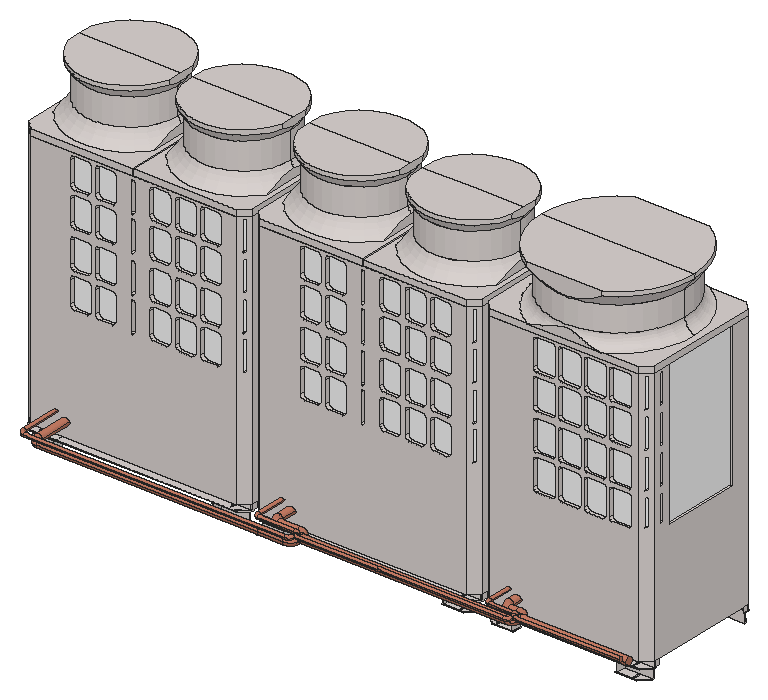
Revit family "PUHY-EP1050YSNW-A1", category 機械設備, Revit 2016 (continued)
Definition of nested family "PUHY-EP400YNW-A1"
  Dimensions and locks
    Extrusion 20 sketch curve to Extrusion 20 sketch curve = 116.800 mm
    Extrusion 20 sketch curve to Extrusion 20 sketch curve = 170.800 mm
    Extrusion 21 sketch curve to Extrusion 21 sketch curve = 116.800 mm
    Extrusion 21 sketch curve to Extrusion 21 sketch curve = 170.800 mm
    plane 3 "Center (Left/Right)" to cut or joined group 1 (Extrusion 1, Extrusion 2, Extrusion 3, Extrusion 4, Extrusion 5, Extrusion 6, Extrusion 7, Extrusion 8, Extrusion 9, Extrusion 10, Extrusion 11, Extrusion 12, Extrusion 13, Extrusion 14, Extrusion 15, Extrusion 16, Extrusion 17, Extrusion 18, Extrusion 19, Extrusion 20, Extrusion 21, Extrusion 22, Extrusion 23, Extrusion 24, Extrusion 25, Extrusion 26, Extrusion 27, Extrusion 28, Extrusion 29, Extrusion 30, Extrusion 31, Extrusion 32, Extrusion 33) = 620.000 mm
    cut or joined group 1 to plane 3 "Center (Left/Right)" = 620.000 mm
    Extrusion 1 sketch curve to Extrusion 1 sketch curve = 1240.000 mm
    cut or joined group 1 to plane 8 = 185.000 mm
    cut or joined group 1 to plane 7 = 166.000 mm
    cut or joined group 1 to plane 6 = 110.000 mm
    cut or joined group 1 to plane 12 to cut or joined group 1 = 805.000 mm, 621.000 mm
    plane 5 to plane 2 = 1858.000 mm  (x2)
    cut or joined group 1 to plane 19 "132" = 132.000 mm
    cut or joined group 1 to plane 22 = 207.000 mm
    cut or joined group 1 to plane 23 = 256.000 mm
    cut or joined group 1 to plane 6 = 60.000 mm
    cut or joined group 1 to cut or joined group 1 = 42.154 mm
    cut or joined group 1 to cut or joined group 1 = 11.895 mm
    nested 1 to nested 3 to level = 1798.000 mm, 60.000 mm
    nested 1 to nested 1 = 303.000 mm
    nested 1 to nested 3 = 1495.000 mm
    nested 8 to nested 8 to nested 8 to nested 7 to nested 7 to nested 7 = 54.000 mm, 20.000 mm, 592.000 mm, 20.000 mm, 54.000 mm
    nested 3 to nested 3 = 56.000 mm
    plane 11 to plane 31 to plane 32 to cut or joined group 1 = 90.000 mm, 1060.000 mm, 90.000 mm
    curve 103 to nested 7 = 90.000 mm
    curve 104 to nested 7 = 125.000 mm
    curve 101 to nested 7 = 100.000 mm
    curve 11 to curve 13 to nested 7 = 84.000 mm, 71.000 mm
    cut or joined group 1 to curve 12 to curve 14 = 125.000 mm, 148.000 mm
    nested 2 to nested 7 = 1495.000 mm
    curve 87 to cut or joined group 1 = 152.000 mm
    curve 88 to cut or joined group 1 = 172.000 mm
    curve 89 to cut or joined group 1 = 216.000 mm
    cut or joined group 1 to curve 4 to curve 2 = 128.000 mm, 150.000 mm
    cut or joined group 1 to curve 1 to curve 3 = 79.000 mm, 94.000 mm
    Extrusion 32 sketch curve to nested 7 = 116.000 mm
    cut or joined group 1 to Extrusion 32 sketch curve = 160.000 mm
    cut or joined group 1 to Extrusion 33 sketch curve = 243.000 mm
    Extrusion 33 sketch curve to nested 7 = 116.000 mm
    aligned and locked: level to plane 2
    aligned and locked: Extrusion 1 to plane 4
  Nested families
    nested 1: "FAN GUARD" at (-311.5, 2, 860), type "FAN GUARD"
      with WIDTH 870.000 mm
    nested 2: "FAN GUARD" at (311.5, 2, 860) x (-1, 0, 0) z (0, 0, 1), type "FAN GUARD"
      with WIDTH 870.000 mm
    nested 3: "ATTACHMENT LEG" at (-524, -349, 0), type "ATTACHMENT LEG"
    nested 4: "ATTACHMENT LEG" at (-524, 349, 0), type "ATTACHMENT LEG"
    nested 5: "ATTACHMENT LEG" at (524, -349, 0) x (-1, 0, 0) z (0, 0, 1), type "ATTACHMENT LEG"
    nested 6: "ATTACHMENT LEG" at (524, 349, 0) x (-1, 0, 0) z (0, 0, 1), type "ATTACHMENT LEG"
    nested 7: "BASE LEG_L_" at (0, -352, 60), type "BASE LEG_L_"
      with Width 1240.000 mm
    nested 8: "BASE LEG_L_" at (0, 352, 60), type "BASE LEG_L_"
      with Width 1240.000 mm
  Connectors
    piping at (-460, -191, 176), diameter 25.4, driven by "Liquid pipe_radius"
      settings: on cut or joined group 1, index 3, connector inside diameter 25.4 mm, connector length 0.000 mm, flow factor 0, pipe flow 0.0 L/s, pressure drop 0.0 Pa, fitting loss kfactor 0, connector angle 0.00°, fixture units 0, engagement length 0.000 mm, angle of deflection 0.00°, flow configuration 0, flow direction 0, fitting loss method 0, system type 22, joint type 0, gender type 0, connector reference index -1, connector utility 0, adjustable connector no, is connector primary yes, connector description "Refrigerant service valve<Liquid pipe>"
    piping at (-377, -191, 176), diameter 28.58, driven by "Gas pipe_radius"
      settings: on cut or joined group 1, index 4, connector inside diameter 28.58 mm, connector length 0.000 mm, flow factor 0, pipe flow 0.0 L/s, pressure drop 0.0 Pa, fitting loss kfactor 0, connector angle 0.00°, fixture units 0, engagement length 0.000 mm, angle of deflection 0.00°, flow configuration 0, flow direction 0, fitting loss method 0, system type 22, joint type 0, gender type 0, connector reference index -1, connector utility 0, adjustable connector no, is connector primary no, connector description "Refrigerant service valve<Gas>"
    electrical at (0, -370, 808)
      settings: on cut or joined group 1, index 5, voltage 0 V, apparent load 0 VA, apparent load phase1 0 VA, apparent load phase2 0 VA, apparent load phase3 0 VA, power factor 1, load classification none, number of poles 1, system type 30, power factor state 1, is connector primary yes, connector utility no, sub classification motor no, connector description ""
  Definition of nested family "FAN GUARD"
    Parameters
      WIDTH [instance] = 870.000 mm
    Reference planes
      plane 1 "中心(正面/背面)": y = -2
      plane 2: z = 0
      plane 3 "ファンガード基準面": z = 661
      plane 4: y = 368
      plane 5: x = 366
      plane 6: x = -375
      plane 7 "ファンガード基準上面": z = 695
      plane 8 "ファンガード上面": z = 998
      plane 9: x = -273.971
      plane 10: x = 308.5
      plane 11: x = -308.5
      plane 12: x = 0
    Forms (mm)
      Extrusion 1, solid
        sketch origin (85, 0, 661) x (-1, 0, 0) y (0, -1, 0)
          loop
            line (343.5, -368) -> (393.5, -318) -> (393.5, 322) -> (343.5, 372) -> (-223.5, 372) -> (-223.5, -368) -> (343.5, -368)
        from 0 to 34
      Revolve 2, solid
        sketch origin (0, -2, 0) x (1, 0, 0) y (0, 0, 1)
          loop
            line (0, 695) -> (0, 998) -> (-290, 998) -> (-290, 972.327) -> (-260, 928.372) -> (-260, 777.384)
            arc (-260, 777.384) -> (-290.651, 730.137) -> (-334.665, 695) r 175.882
            line (-334.665, 695) -> (0, 695)
          axis (0, 998) -> (0, 695)
        angle from 0 to 360
      Extrusion 3, void
        sketch origin (-840, 75, 695) x (-1, 0, 0) y (0, -1, 0)
          loop
            line (-410, -165) -> (-410, 315) -> (-561.253, 315) -> (-561.253, -165) -> (-410, -165)
        from -35 to 430.592
      Extrusion 4, void
        sketch origin (840, 75, 695) x (1, 0, 0) y (0, 1, 0)
          loop
            line (-410, 165) -> (-561.253, 165) -> (-561.253, -315) -> (-410, -315) -> (-410, 165)
        from 0 to 430.592
    Cuts and joins
      Extrusion 3, Extrusion 4 cuts Revolve 2
      Extrusion 4 cuts Extrusion 1
    Lines and regions (mm)
      model lines
        curve 1: line (-278.747, 0, 998) -> (-80, 0, 998)
        curve 2: line (80, 0, 998) -> (278.747, 0, 998)
        curve 3: circle (0, 0, 998) r 80 normal (0, 0, 1)
        curve 4: line (-278.747, -80, 998) -> (278.747, -80, 998)
        curve 5: line (-241.868, -160, 998) -> (241.868, -160, 998)
        curve 6: line (-162.788, -240, 998) -> (162.788, -240, 998)
        curve 7: line (-278.747, 80, 998) -> (278.747, 80, 998)
        curve 8: line (-241.868, 160, 998) -> (240, 160, 998)
        curve 9: line (-160, 240, 998) -> (162.788, 240, 998)
        curve 10: line (0, 290, 998) -> (0, -290, 998)
        curve 11: line (-20, 289.31, 998) -> (-20, -289.31, 998)
        curve 12: line (-40, 287.228, 998) -> (-40, -287.228, 998)
        curve 13: line (-60, 283.725, 998) -> (-60, -283.725, 998)
        curve 14: line (-80, 278.747, 998) -> (-80, -278.747, 998)
        curve 15: line (20, 289.31, 998) -> (20, -289.31, 998)
        curve 16: line (40, 287.228, 998) -> (40, -287.228, 998)
        curve 17: line (60, 283.725, 998) -> (60, -283.725, 998)
        curve 18: line (80, 278.747, 998) -> (80, -278.747, 998)
        curve 19: line (100, 272.213, 998) -> (100, -272.213, 998)
        curve 20: line (120, 264.008, 998) -> (120, -264.008, 998)
        curve 21: line (140, 253.969, 998) -> (140, -253.969, 998)
        curve 22: line (160, 241.868, 998) -> (160, -243.132, 998)
        curve 23: line (180, 227.376, 998) -> (180, -227.624, 998)
        curve 24: line (200, 210, 998) -> (200, -210, 998)
        curve 25: line (220, 188.944, 998) -> (220, -188.944, 998)
        curve 26: line (240, 160, 998) -> (240, -162.788, 998)
        curve 27: line (260, 128.452, 998) -> (260, -128.452, 998)
        curve 28: line (-100, 272.213, 998) -> (-100, -272.213, 998)
        curve 29: line (-120, 264.008, 998) -> (-120, -264.008, 998)
        curve 30: line (-140, 253.969, 998) -> (-140, -253.969, 998)
        curve 31: line (-160, 240, 998) -> (-160, -241.868, 998)
        curve 32: line (-180, 227.376, 998) -> (-180, -227.376, 998)
        curve 33: line (-200, 210, 998) -> (-200, -210, 998)
        curve 34: line (-220, 188.944, 998) -> (-220, -188.944, 998)
        curve 35: line (-240, 162.788, 998) -> (-240, -162.788, 998)
        curve 36: line (-260, 128.452, 998) -> (-260, -128.452, 998)
        curve 37: line (10, 79.373, 998) -> (10, -79.373, 998)
        curve 38: line (-10, 79.373, 998) -> (-10, -79.373, 998)
        curve 39: line (30, 74.162, 998) -> (30, -74.162, 998)
        curve 40: line (50, 62.45, 998) -> (50, -62.45, 998)
        curve 41: line (70, 38.73, 998) -> (70, -38.73, 998)
        curve 42: line (-30, 74.162, 998) -> (-30, -74.162, 998)
        curve 43: line (-50, 62.45, 998) -> (-50, -62.45, 998)
        curve 44: line (-70, 38.73, 998) -> (-70, -38.73, 998)
    Dimensions and locks
      locked: plane 8 "ファンガード上面" to plane 7 "ファンガード基準上面" at 303
      plane 8 "ファンガード上面" to plane 3 "ファンガード基準面" = 337.000 mm
      Revolve 2 sketch curve to Revolve 2 sketch curve = 290.000 mm
      Extrusion 1 sketch curve to Extrusion 1 sketch curve = 740.000 mm
      equal spacing: Extrusion 1 sketch curve, plane 1 "中心(正面/背面)", Extrusion 1 sketch curve
      plane 6 to plane 5 = 741.000 mm
      Extrusion 1 sketch curve to Extrusion 1 sketch curve = 617.000 mm
      plane 11 to plane 10 = 617.000 mm
      cut or joined group of Extrusion 1, Extrusion 4 to cut or joined group of Extrusion 1, Extrusion 4 = 617.000 mm
      cut or joined group of Extrusion 1, Extrusion 4 to cut or joined group of Extrusion 1, Extrusion 4 = 740.000 mm
      aligned and locked: level to plane 2
      aligned and locked: plane 7 "ファンガード基準上面" to Extrusion 1
      aligned and locked: plane 3 "ファンガード基準面" to Extrusion 1
      aligned and locked: cut or joined group of Revolve 2, Extrusion 3, Extrusion 4 to plane 8 "ファンガード上面"
  Definition of nested family "ATTACHMENT LEG"
    Parameters
      Width = 145.000 mm
    Reference planes
      plane 1: z = 0
      plane 2 "中心(左/右)": x = -6
      plane 3: x = -52
      plane 4: x = 85
      plane 5: x = 93
      plane 6: y = -21
      plane 7: y = 27
      plane 8: x = -30
      plane 9: y = 39
      plane 10: z = 60
      plane 11: z = 57
      plane 12: z = 3
      plane 13: x = 82
      plane 14: y = 36
      plane 15: x = -75
      plane 16: y = 31
      plane 17 "幅": x = 93
      plane 18: y = 2.5
      plane 19: y = 21
      plane 20: y = -10
    Forms (mm)
      Extrusion 1, solid
        sketch origin (0, -1, 0) x (1, 0, 0) y (0, 1, 0)
          loop
            line (-75, 36) -> (-75, 27) -> (-28, -20) -> (93, -20) -> (93, 32) -> (85, 32) -> (85, 36) -> (-75, 36)
        from 0 to 60
      Extrusion 2, void
        sketch origin (0, -3, 0) x (1, 0, 0) y (0, 0, 1)
          loop
            line (-75, 57) -> (-75, 3) -> (82, 3) -> (82, 57) -> (-75, 57)
          loop
            line (93, 57) -> (85, 57) -> (85, 3) -> (93, 3) -> (93, 57)
        from -35 to 18
      Extrusion 3, void
        sketch origin (-6, 5.5, 0) x (1, 0, 0) y (0, 1, 0)
          loop
            arc (-7, -8.5) -> (0, -15.5) -> (7, -8.5) r 7
            line (7, -8.5) -> (7, 8.5)
            arc (7, 8.5) -> (0, 15.5) -> (-7, 8.5) r 7
            line (-7, 8.5) -> (-7, -8.5)
        from 0 to 60
    Cuts and joins
      Extrusion 2, Extrusion 3 cuts Extrusion 1
    Dimensions and locks
      locked: plane 3 to plane 4 at 137
      locked: plane 3 to plane 5 at 145
      plane 6 to plane 7 = 48.000 mm
      locked: plane 10 to level at 60
      Extrusion 3 sketch curve to plane 2 "中心(左/右)" = 7.000 mm
      locked: plane 15 to plane 2 "中心(左/右)" at 69
      locked: plane 15 to plane 8 at 45
      locked: plane 6 to plane 18 at 23.5
      cut or joined group of Extrusion 1, Extrusion 2, Extrusion 3 to cut or joined group of Extrusion 1, Extrusion 2, Extrusion 3 = 168.000 mm
      cut or joined group of Extrusion 1, Extrusion 2, Extrusion 3 to cut or joined group of Extrusion 1, Extrusion 2, Extrusion 3 = 56.000 mm  (x2)
      plane 14 to plane 6 = 57.000 mm
      aligned and locked: level to plane 1
      aligned and locked: Extrusion 1 sketch curve to plane 4
      aligned and locked: Extrusion 1 sketch curve to plane 5
      aligned: plane 8 to Extrusion 1 sketch curve
      aligned and locked: plane 10 to Extrusion 1
      aligned and locked: Extrusion 2 sketch curve to plane 11
      aligned: plane 3 to Extrusion 2 sketch curve
      aligned and locked: plane 12 to Extrusion 2 sketch curve
      aligned and locked: Extrusion 2 sketch curve to plane 13
      aligned and locked: plane 6 to Extrusion 2
      aligned and locked: plane 11 to Extrusion 2 sketch curve
      aligned and locked: plane 5 to Extrusion 2 sketch curve
      aligned and locked: Extrusion 2 sketch curve to plane 12
      aligned and locked: Extrusion 2 sketch curve to plane 4
      aligned and locked: plane 15 to Extrusion 1 sketch curve
      aligned and locked: Extrusion 2 sketch curve to cut or joined group of Extrusion 1, Extrusion 2, Extrusion 3
      aligned and locked: Extrusion 1 to plane 16
  Definition of nested family "BASE LEG_L_"
    Parameters
      Width [instance] = 1240.000 mm
    Reference planes
      plane 1 "中心(正面/背面)": y = 0
      plane 2: z = 0
      plane 3 "中心(左/右)": x = 0
      plane 4: x = 620
      plane 5: x = -620
      plane 6: x = -530
      plane 7: x = 530
      plane 8: y = -18
      plane 9: y = 39
      plane 10: z = 53
      plane 11: y = 42
      plane 12: y = 27
      plane 13: x = 575
      plane 14: x = -575
      plane 15: z = 8
      plane 16: y = 11.5
      plane 17: z = 35
    Forms (mm)
      Extrusion 1, solid
        sketch origin (0, 0, 0) x (0, 1, 0) y (0, 0, 1)
          loop
            line (-18, 0) -> (36, 0) -> (36, 32) -> (56, 32) -> (56, 35) -> (33, 35) -> (33, 3) -> (-18, 3) -> (-18, 0)
        from -620 to 620
      Extrusion 2, void
        sketch origin (0, 0, 0) x (1, 0, 0) y (0, 1, 0)
          loop
            line (575, -18) -> (620, -18) -> (620, 27) -> (575, -18)
          loop
            line (-575, -18) -> (-620, 27) -> (-620, -18) -> (-575, -18)
        from 0 to 250
      Extrusion 3, void
        sketch origin (0, 12.023, 0) x (1, 0, 0) y (0, 1, 0)
          loop
            arc (523, -2.971) -> (530, -9.971) -> (537, -2.971) r 7
            line (537, -2.971) -> (537, 3.023)
            arc (537, 3.023) -> (530, 10.023) -> (523, 3.023) r 7
            line (523, 3.023) -> (523, -2.971)
          loop
            line (-523, -2.971) -> (-523, 3.023)
            arc (-523, 3.023) -> (-530, 10.023) -> (-537, 3.023) r 7
            line (-537, 3.023) -> (-537, -2.971)
            arc (-537, -2.971) -> (-530, -9.971) -> (-523, -2.971) r 7
        from 0 to 250
      Extrusion 4, solid
        sketch origin (0, 0, -3) x (1, 0, 0) y (0, 0, 1)
          loop
            line (617, 8) -> (620, 8) -> (620, 35) -> (617, 35) -> (617, 8)
          loop
            line (-617, 8) -> (-617, 35) -> (-620, 35) -> (-620, 8) -> (-617, 8)
        from -36 to -56
      Extrusion 5, solid
        sketch origin (150, 352, 0) x (1, 0, 0) y (0, 1, 0)
          loop
            line (460, -319) -> (455, -319) -> (455, -320) -> (405, -370) -> (410, -370) -> (460, -320) -> (460, -319)
        from 3 to 35
      Extrusion 6, void
        sketch origin (560, -18, 0) x (0.707107, 0.707107, 0) y (0, 0, 1)
          loop
            line (70.711, 3) -> (-6.741, 39.767) -> (-6.741, 3) -> (70.711, 3)
        from -190.256 to 23.776
      Extrusion 7, solid
        sketch origin (-150, 352, 0) x (-1, 0, 0) y (0, -1, 0)
          loop
            line (460, 319) -> (460, 320) -> (410, 370) -> (405, 370) -> (455, 320) -> (455, 319) -> (460, 319)
        from 3 to 35
      Extrusion 8, void
        sketch origin (-560, -18, 0) x (0.707107, -0.707107, 0) y (0, 0, -1)
          loop
            line (-70.711, -3) -> (0, -35) -> (6.741, -35) -> (6.741, -3) -> (-70.711, -3)
        from -190.256 to 23.776
    Cuts and joins
      Extrusion 2, Extrusion 3 cuts Extrusion 1
      joined: Extrusion 1, Extrusion 4
      Extrusion 8 cuts Extrusion 7
      Extrusion 6 cuts Extrusion 5
    Dimensions and locks
      "Width": plane 5 to plane 4
      equal spacing: plane 5, plane 3 "中心(左/右)", plane 4
      locked: plane 5 to plane 6 at 90
      locked: plane 7 to plane 4 at 90
      locked: plane 8 to plane 9 at 57
      locked: plane 10 to level at 53
      locked: plane 9 to plane 11 at 3
      plane 8 to plane 12 = 45.000 mm
      locked: plane 13 to plane 4 at 45
      locked: plane 5 to plane 14 at 45
      equal spacing: Extrusion 3 sketch curve, plane 7, Extrusion 3 sketch curve
      equal spacing: Extrusion 3 sketch curve, plane 6, Extrusion 3 sketch curve
      locked: plane 10 to plane 15 at 45
      locked: cut or joined group of Extrusion 1, Extrusion 2, Extrusion 3, Extrusion 4 to Extrusion 4 sketch curve at 3  (x2)
      locked: plane 8 to plane 16 at 29.5
      plane 8 to plane 11 = 60.000 mm
      cut or joined group of Extrusion 1, Extrusion 2, Extrusion 3, Extrusion 4 to cut or joined group of Extrusion 1, Extrusion 2, Extrusion 3, Extrusion 4 = 35.000 mm
      aligned and locked: level to plane 2
      aligned and locked: plane 8 to Extrusion 1 sketch curve
      aligned and locked: plane 4 to Extrusion 1
      aligned and locked: Extrusion 1 to plane 5
      aligned and locked: Extrusion 2 sketch curve to plane 4
      aligned and locked: Extrusion 2 sketch curve to plane 8
      aligned and locked: plane 12 to Extrusion 2 sketch curve
      aligned and locked: plane 13 to Extrusion 2 sketch curve
      aligned and locked: plane 4 to Extrusion 4 sketch curve
      aligned and locked: plane 5 to Extrusion 4 sketch curve
      aligned and locked: cut or joined group of Extrusion 7, Extrusion 8 to cut or joined group of Extrusion 1, Extrusion 2, Extrusion 3, Extrusion 4
    Automatic sketch dimensions
      Extrusion 3 sketch curve to plane 1 "中心(正面/背面)" = 9.052 mm  (x2)
      Extrusion 3 sketch curve to plane 7 = 7.000 mm
      Extrusion 3 sketch curve to plane 1 "中心(正面/背面)" = 15.046 mm  (x2)
      Extrusion 3 sketch curve to plane 6 = 7.000 mm
      Extrusion 2 sketch curve to plane 5 = 0.000 mm
      plane 8 to Extrusion 2 sketch curve = 0.000 mm
      Extrusion 2 sketch curve to plane 14 = 0.000 mm
      plane 12 to Extrusion 2 sketch curve = 0.000 mm
      Extrusion 4 sketch curve to plane 10 = 21.000 mm
      plane 7 to Extrusion 5 sketch curve = 25.000 mm
      Extrusion 5 sketch curve to Extrusion 5 sketch curve = 5.000 mm  (x2)
      plane 7 to Extrusion 5 sketch curve = 75.000 mm
      plane 8 to Extrusion 5 sketch curve = 0.000 mm
      Extrusion 5 sketch curve to Extrusion 5 sketch curve = 50.000 mm
      Extrusion 5 sketch curve to Extrusion 5 sketch curve = 0.000 mm
      Extrusion 5 sketch curve to Extrusion 5 sketch curve = 1.000 mm
      Extrusion 6 sketch curve to Extrusion 5 = 0.000 mm  (x2)
      Extrusion 6 sketch curve to Extrusion 5 = 6.741 mm
      Extrusion 6 sketch curve to Extrusion 5 = 4.767 mm
      plane 6 to Extrusion 7 sketch curve = 25.000 mm
      Extrusion 7 sketch curve to Extrusion 7 sketch curve = 5.000 mm  (x2)
      Extrusion 7 sketch curve to Extrusion 7 sketch curve = 45.000 mm
      Extrusion 7 sketch curve to plane 8 = 0.000 mm
      Extrusion 7 sketch curve to Extrusion 7 sketch curve = 50.000 mm
      Extrusion 7 sketch curve to Extrusion 7 sketch curve = 0.000 mm
      Extrusion 7 sketch curve to Extrusion 7 sketch curve = 1.000 mm
      Extrusion 8 sketch curve to Extrusion 7 = 0.000 mm  (x2)
      Extrusion 7 to Extrusion 8 sketch curve = 0.000 mm  (x2)
      Extrusion 7 to Extrusion 8 sketch curve = 6.741 mm
      Extrusion 4 sketch curve to plane 17 = 3.000 mm
      Extrusion 4 sketch curve to plane 15 = 3.000 mm  (x2)
      Extrusion 1 sketch curve to plane 17 = 0.000 mm
      Extrusion 1 sketch curve to level = 0.000 mm
      level to Extrusion 1 sketch curve = 3.000 mm
      plane 9 to Extrusion 1 sketch curve = 6.000 mm
      plane 9 to Extrusion 1 sketch curve = 3.000 mm
      Extrusion 1 sketch curve to plane 17 = 3.000 mm
      Extrusion 1 sketch curve to plane 11 = 14.000 mm
Definition of nested family "PUHY-EP250YNW-A1"
  Parameters
    Model = "PUHY-P250YNW-A"
    URL = "http://www.mitsubishielectric.com/"
    Manufacturer = "Mitsubishi Electric Corporation"
    Liquid pipe_radius = 4.760 mm
    Gas pipe_radius = 11.100 mm
  Reference planes
    plane 1 "Center (Front/Back)": y = 0
    plane 2: z = 0
    plane 3 "Center (Left/Right)": x = 0
    plane 4 "11": through (-415, 370, 1200) normal (0.7071, -0.7071, 0)
    plane 5 "22": through (-415, -370, 1200) normal (-0.7071, -0.7071, 0)
    plane 6 "44": through (460, 325, 1200) normal (-0.7071, -0.7071, 0)
    plane 7 "33": through (460, -325, 1200) normal (0.7071, -0.7071, 0)
    plane 8: z = 754.5
    plane 9: z = 909.5
    plane 10: x = -300
    plane 11: x = -217
    plane 12: y = 370
    plane 13: y = -370
    plane 14: x = -460
    plane 15: x = 460
  Forms (mm)
    Extrusion 1, solid
      sketch origin (0, 0, 113) x (-1, 0, 0) y (0, -1, 0)
        loop
          line (410, -370) -> (460, -320) -> (460, 320) -> (410, 370) -> (-410, 370) -> (-460, 320) -> (-460, -320) -> (-410, -370) -> (410, -370)
      from -18 to 1408
    Extrusion 2, void
      sketch origin (410, -370, 113) x (1, 0, 0) y (0, 0, -1)
        loop
          arc (-55, -1393.5) -> (-40.858, -1387.642) -> (-35, -1373.5) r 20
          line (-35, -1373.5) -> (-35, -1238.676)
          arc (-35, -1238.676) -> (-40.858, -1224.534) -> (-55, -1218.676) r 20
          line (-55, -1218.676) -> (-139.8, -1218.676)
          arc (-139.8, -1218.676) -> (-153.942, -1224.534) -> (-159.8, -1238.676) r 20
          line (-159.8, -1238.676) -> (-159.8, -1373.5)
          arc (-159.8, -1373.5) -> (-153.942, -1387.642) -> (-139.8, -1393.5) r 20
          line (-139.8, -1393.5) -> (-55, -1393.5)
      from 0 to 20
    Extrusion 3, void
      sketch origin (270, -370, 113) x (1, 0, 0) y (0, 0, -1)
        loop
          arc (-55, -1393.5) -> (-40.858, -1387.642) -> (-35, -1373.5) r 20
          line (-35, -1373.5) -> (-35, -1238.676)
          arc (-35, -1238.676) -> (-40.858, -1224.534) -> (-55, -1218.676) r 20
          line (-55, -1218.676) -> (-139.8, -1218.676)
          arc (-139.8, -1218.676) -> (-153.942, -1224.534) -> (-159.8, -1238.676) r 20
          line (-159.8, -1238.676) -> (-159.8, -1373.5)
          arc (-159.8, -1373.5) -> (-153.942, -1387.642) -> (-139.8, -1393.5) r 20
          line (-139.8, -1393.5) -> (-55, -1393.5)
      from 0 to 20
    Extrusion 4, void
      sketch origin (130, -370, 113) x (1, 0, 0) y (0, 0, -1)
        loop
          arc (-55, -1393.5) -> (-40.858, -1387.642) -> (-35, -1373.5) r 20
          line (-35, -1373.5) -> (-35, -1238.676)
          arc (-35, -1238.676) -> (-40.858, -1224.534) -> (-55, -1218.676) r 20
          line (-55, -1218.676) -> (-139.8, -1218.676)
          arc (-139.8, -1218.676) -> (-153.942, -1224.534) -> (-159.8, -1238.676) r 20
          line (-159.8, -1238.676) -> (-159.8, -1373.5)
          arc (-159.8, -1373.5) -> (-153.942, -1387.642) -> (-139.8, -1393.5) r 20
          line (-139.8, -1393.5) -> (-55, -1393.5)
      from 0 to 20
    Extrusion 5, void
      sketch origin (-10, -370, 113) x (1, 0, 0) y (0, 0, -1)
        loop
          arc (-55, -1393.5) -> (-40.858, -1387.642) -> (-35, -1373.5) r 20
          line (-35, -1373.5) -> (-35, -1238.676)
          arc (-35, -1238.676) -> (-40.858, -1224.534) -> (-55, -1218.676) r 20
          line (-55, -1218.676) -> (-139.8, -1218.676)
          arc (-139.8, -1218.676) -> (-153.942, -1224.534) -> (-159.8, -1238.676) r 20
          line (-159.8, -1238.676) -> (-159.8, -1373.5)
          arc (-159.8, -1373.5) -> (-153.942, -1387.642) -> (-139.8, -1393.5) r 20
          line (-139.8, -1393.5) -> (-55, -1393.5)
      from 0 to 20
    Extrusion 6, void
      sketch origin (410, -370, -81) x (1, 0, 0) y (0, 0, -1)
        loop
          arc (-55, -1393.5) -> (-40.858, -1387.642) -> (-35, -1373.5) r 20
          line (-35, -1373.5) -> (-35, -1238.676)
          arc (-35, -1238.676) -> (-40.858, -1224.534) -> (-55, -1218.676) r 20
          line (-55, -1218.676) -> (-139.8, -1218.676)
          arc (-139.8, -1218.676) -> (-153.942, -1224.534) -> (-159.8, -1238.676) r 20
          line (-159.8, -1238.676) -> (-159.8, -1373.5)
          arc (-159.8, -1373.5) -> (-153.942, -1387.642) -> (-139.8, -1393.5) r 20
          line (-139.8, -1393.5) -> (-55, -1393.5)
      from 0 to 20
    Extrusion 7, void
      sketch origin (270, -370, -81) x (1, 0, 0) y (0, 0, -1)
        loop
          arc (-55, -1393.5) -> (-40.858, -1387.642) -> (-35, -1373.5) r 20
          line (-35, -1373.5) -> (-35, -1238.676)
          arc (-35, -1238.676) -> (-40.858, -1224.534) -> (-55, -1218.676) r 20
          line (-55, -1218.676) -> (-139.8, -1218.676)
          arc (-139.8, -1218.676) -> (-153.942, -1224.534) -> (-159.8, -1238.676) r 20
          line (-159.8, -1238.676) -> (-159.8, -1373.5)
          arc (-159.8, -1373.5) -> (-153.942, -1387.642) -> (-139.8, -1393.5) r 20
          line (-139.8, -1393.5) -> (-55, -1393.5)
      from 0 to 20
    Extrusion 8, void
      sketch origin (130, -370, -81) x (1, 0, 0) y (0, 0, -1)
        loop
          arc (-55, -1393.5) -> (-40.858, -1387.642) -> (-35, -1373.5) r 20
          line (-35, -1373.5) -> (-35, -1238.676)
          arc (-35, -1238.676) -> (-40.858, -1224.534) -> (-55, -1218.676) r 20
          line (-55, -1218.676) -> (-139.8, -1218.676)
          arc (-139.8, -1218.676) -> (-153.942, -1224.534) -> (-159.8, -1238.676) r 20
          line (-159.8, -1238.676) -> (-159.8, -1373.5)
          arc (-159.8, -1373.5) -> (-153.942, -1387.642) -> (-139.8, -1393.5) r 20
          line (-139.8, -1393.5) -> (-55, -1393.5)
      from 0 to 20
    Extrusion 9, void
      sketch origin (-10, -370, -81) x (1, 0, 0) y (0, 0, -1)
        loop
          arc (-55, -1393.5) -> (-40.858, -1387.642) -> (-35, -1373.5) r 20
          line (-35, -1373.5) -> (-35, -1238.676)
          arc (-35, -1238.676) -> (-40.858, -1224.534) -> (-55, -1218.676) r 20
          line (-55, -1218.676) -> (-139.8, -1218.676)
          arc (-139.8, -1218.676) -> (-153.942, -1224.534) -> (-159.8, -1238.676) r 20
          line (-159.8, -1238.676) -> (-159.8, -1373.5)
          arc (-159.8, -1373.5) -> (-153.942, -1387.642) -> (-139.8, -1393.5) r 20
          line (-139.8, -1393.5) -> (-55, -1393.5)
      from 0 to 20
    Extrusion 10, void
      sketch origin (410, -370, -287) x (1, 0, 0) y (0, 0, -1)
        loop
          arc (-55, -1393.5) -> (-40.858, -1387.642) -> (-35, -1373.5) r 20
          line (-35, -1373.5) -> (-35, -1238.676)
          arc (-35, -1238.676) -> (-40.858, -1224.534) -> (-55, -1218.676) r 20
          line (-55, -1218.676) -> (-139.8, -1218.676)
          arc (-139.8, -1218.676) -> (-153.942, -1224.534) -> (-159.8, -1238.676) r 20
          line (-159.8, -1238.676) -> (-159.8, -1373.5)
          arc (-159.8, -1373.5) -> (-153.942, -1387.642) -> (-139.8, -1393.5) r 20
          line (-139.8, -1393.5) -> (-55, -1393.5)
      from 0 to 20
    Extrusion 11, void
      sketch origin (270, -370, -287) x (1, 0, 0) y (0, 0, -1)
        loop
          arc (-55, -1393.5) -> (-40.858, -1387.642) -> (-35, -1373.5) r 20
          line (-35, -1373.5) -> (-35, -1238.676)
          arc (-35, -1238.676) -> (-40.858, -1224.534) -> (-55, -1218.676) r 20
          line (-55, -1218.676) -> (-139.8, -1218.676)
          arc (-139.8, -1218.676) -> (-153.942, -1224.534) -> (-159.8, -1238.676) r 20
          line (-159.8, -1238.676) -> (-159.8, -1373.5)
          arc (-159.8, -1373.5) -> (-153.942, -1387.642) -> (-139.8, -1393.5) r 20
          line (-139.8, -1393.5) -> (-55, -1393.5)
      from 0 to 20
    Extrusion 12, void
      sketch origin (130, -370, -287) x (1, 0, 0) y (0, 0, -1)
        loop
          arc (-55, -1393.5) -> (-40.858, -1387.642) -> (-35, -1373.5) r 20
          line (-35, -1373.5) -> (-35, -1238.676)
          arc (-35, -1238.676) -> (-40.858, -1224.534) -> (-55, -1218.676) r 20
          line (-55, -1218.676) -> (-139.8, -1218.676)
          arc (-139.8, -1218.676) -> (-153.942, -1224.534) -> (-159.8, -1238.676) r 20
          line (-159.8, -1238.676) -> (-159.8, -1373.5)
          arc (-159.8, -1373.5) -> (-153.942, -1387.642) -> (-139.8, -1393.5) r 20
          line (-139.8, -1393.5) -> (-55, -1393.5)
      from 0 to 20
    Extrusion 13, void
      sketch origin (-10, -370, -287) x (1, 0, 0) y (0, 0, -1)
        loop
          arc (-55, -1393.5) -> (-40.858, -1387.642) -> (-35, -1373.5) r 20
          line (-35, -1373.5) -> (-35, -1238.676)
          arc (-35, -1238.676) -> (-40.858, -1224.534) -> (-55, -1218.676) r 20
          line (-55, -1218.676) -> (-139.8, -1218.676)
          arc (-139.8, -1218.676) -> (-153.942, -1224.534) -> (-159.8, -1238.676) r 20
          line (-159.8, -1238.676) -> (-159.8, -1373.5)
          arc (-159.8, -1373.5) -> (-153.942, -1387.642) -> (-139.8, -1393.5) r 20
          line (-139.8, -1393.5) -> (-55, -1393.5)
      from 0 to 20
    Extrusion 14, void
      sketch origin (410, -370, -481) x (1, 0, 0) y (0, 0, -1)
        loop
          arc (-55, -1393.5) -> (-40.858, -1387.642) -> (-35, -1373.5) r 20
          line (-35, -1373.5) -> (-35, -1238.676)
          arc (-35, -1238.676) -> (-40.858, -1224.534) -> (-55, -1218.676) r 20
          line (-55, -1218.676) -> (-139.8, -1218.676)
          arc (-139.8, -1218.676) -> (-153.942, -1224.534) -> (-159.8, -1238.676) r 20
          line (-159.8, -1238.676) -> (-159.8, -1373.5)
          arc (-159.8, -1373.5) -> (-153.942, -1387.642) -> (-139.8, -1393.5) r 20
          line (-139.8, -1393.5) -> (-55, -1393.5)
      from 0 to 20
    Extrusion 15, void
      sketch origin (270, -370, -481) x (1, 0, 0) y (0, 0, -1)
        loop
          arc (-55, -1393.5) -> (-40.858, -1387.642) -> (-35, -1373.5) r 20
          line (-35, -1373.5) -> (-35, -1238.676)
          arc (-35, -1238.676) -> (-40.858, -1224.534) -> (-55, -1218.676) r 20
          line (-55, -1218.676) -> (-139.8, -1218.676)
          arc (-139.8, -1218.676) -> (-153.942, -1224.534) -> (-159.8, -1238.676) r 20
          line (-159.8, -1238.676) -> (-159.8, -1373.5)
          arc (-159.8, -1373.5) -> (-153.942, -1387.642) -> (-139.8, -1393.5) r 20
          line (-139.8, -1393.5) -> (-55, -1393.5)
      from 0 to 20
    Extrusion 16, void
      sketch origin (130, -370, -481) x (1, 0, 0) y (0, 0, -1)
        loop
          arc (-55, -1393.5) -> (-40.858, -1387.642) -> (-35, -1373.5) r 20
          line (-35, -1373.5) -> (-35, -1238.676)
          arc (-35, -1238.676) -> (-40.858, -1224.534) -> (-55, -1218.676) r 20
          line (-55, -1218.676) -> (-139.8, -1218.676)
          arc (-139.8, -1218.676) -> (-153.942, -1224.534) -> (-159.8, -1238.676) r 20
          line (-159.8, -1238.676) -> (-159.8, -1373.5)
          arc (-159.8, -1373.5) -> (-153.942, -1387.642) -> (-139.8, -1393.5) r 20
          line (-139.8, -1393.5) -> (-55, -1393.5)
      from 0 to 20
    Extrusion 17, void
      sketch origin (-10, -370, -481) x (1, 0, 0) y (0, 0, -1)
        loop
          arc (-55, -1393.5) -> (-40.858, -1387.642) -> (-35, -1373.5) r 20
          line (-35, -1373.5) -> (-35, -1238.676)
          arc (-35, -1238.676) -> (-40.858, -1224.534) -> (-55, -1218.676) r 20
          line (-55, -1218.676) -> (-139.8, -1218.676)
          arc (-139.8, -1218.676) -> (-153.942, -1224.534) -> (-159.8, -1238.676) r 20
          line (-159.8, -1238.676) -> (-159.8, -1373.5)
          arc (-159.8, -1373.5) -> (-153.942, -1387.642) -> (-139.8, -1393.5) r 20
          line (-139.8, -1393.5) -> (-55, -1393.5)
      from 0 to 20
    Extrusion 18, solid
      sketch origin (0, -189, -3) x (0, 0, -1) y (-1, 0, 0)
        loop
          circle (-179, 217) r 11.1
      from 0 to 150
    Extrusion 19, solid
      sketch origin (0, -172, -3) x (0, 0, -1) y (-1, 0, 0)
        loop
          circle (-179, 300) r 4.76
      from 0 to 150
    Extrusion 20, void
      sketch origin (-460, -320, 113) x (0, -1, 0) y (0, 0, -1)
        loop
          line (-611.5, -1236.511) -> (-611.5, -1386.5)
          arc (-611.5, -1386.5) -> (-601.5, -1396.5) -> (-591.5, -1386.5) r 10
          line (-591.5, -1386.5) -> (-591.5, -1236.511)
          arc (-591.5, -1236.511) -> (-601.5, -1226.511) -> (-611.5, -1236.511) r 10
      from 0 to 20
    Extrusion 21, void
      sketch origin (-460, -320, -87.006) x (0, -1, 0) y (0, 0, -1)
        loop
          line (-611.5, -1236.511) -> (-611.5, -1386.5)
          arc (-611.5, -1386.5) -> (-601.5, -1396.5) -> (-591.5, -1386.5) r 10
          line (-591.5, -1386.5) -> (-591.5, -1236.511)
          arc (-591.5, -1236.511) -> (-601.5, -1226.511) -> (-611.5, -1236.511) r 10
      from 0 to 20
    Extrusion 22, void
      sketch origin (-460, -320, -287.006) x (0, -1, 0) y (0, 0, -1)
        loop
          line (-611.5, -1236.511) -> (-611.5, -1386.5)
          arc (-611.5, -1386.5) -> (-601.5, -1396.5) -> (-591.5, -1386.5) r 10
          line (-591.5, -1386.5) -> (-591.5, -1236.511)
          arc (-591.5, -1236.511) -> (-601.5, -1226.511) -> (-611.5, -1236.511) r 10
      from 0 to 20
    Extrusion 23, void
      sketch origin (-460, -320, -479.506) x (0, -1, 0) y (0, 0, -1)
        loop
          line (-611.5, -1244.006) -> (-611.5, -1379.006)
          arc (-611.5, -1379.006) -> (-601.5, -1389.006) -> (-591.5, -1379.006) r 10
          line (-591.5, -1379.006) -> (-591.5, -1244.006)
          arc (-591.5, -1244.006) -> (-601.5, -1234.006) -> (-611.5, -1244.006) r 10
      from 0 to 20
    Extrusion 24, void
      sketch origin (-460, -320, 113) x (0, -1, 0) y (0, 0, -1)
        loop
          line (-543, -1408) -> (-215, -1408) -> (-215, -632) -> (-543, -632) -> (-543, -1408)
      from 0 to 20
    Extrusion 25, void
      sketch origin (-410, 370, 113) x (0.707107, 0.707107, 0) y (0, 0, 1)
        loop
          line (-27.158, 1236.539) -> (-27.158, 1386.461)
          arc (-27.158, 1386.461) -> (-37.158, 1396.461) -> (-47.158, 1386.461) r 10
          line (-47.158, 1386.461) -> (-47.158, 1236.539)
          arc (-47.158, 1236.539) -> (-37.158, 1226.539) -> (-27.158, 1236.539) r 10
        loop
          line (-27.158, 1036.539) -> (-27.158, 1186.461)
          arc (-27.158, 1186.461) -> (-37.158, 1196.461) -> (-47.158, 1186.461) r 10
          line (-47.158, 1186.461) -> (-47.158, 1036.539)
          arc (-47.158, 1036.539) -> (-37.158, 1026.539) -> (-27.158, 1036.539) r 10
        loop
          line (-27.158, 836.539) -> (-27.158, 986.461)
          arc (-27.158, 986.461) -> (-37.158, 996.461) -> (-47.158, 986.461) r 10
          line (-47.158, 986.461) -> (-47.158, 836.539)
          arc (-47.158, 836.539) -> (-37.158, 826.539) -> (-27.158, 836.539) r 10
        loop
          line (-27.158, 652.5) -> (-27.158, 785.5)
          arc (-27.158, 785.5) -> (-37.158, 795.5) -> (-47.158, 785.5) r 10
          line (-47.158, 785.5) -> (-47.158, 652.5)
          arc (-47.158, 652.5) -> (-37.158, 642.5) -> (-27.158, 652.5) r 10
      from 0 to 20
    Extrusion 26, void
      sketch origin (460, -320, 113) x (0.707107, 0.707107, 0) y (0, 0, -1)
        loop
          arc (-25.5, -1236.423) -> (-35.5, -1226.423) -> (-45.5, -1236.423) r 10
          line (-45.5, -1236.423) -> (-45.5, -1386.487)
          arc (-45.5, -1386.487) -> (-35.5, -1396.487) -> (-25.5, -1386.487) r 10
          line (-25.5, -1386.487) -> (-25.5, -1236.423)
      from 0 to 20
    Extrusion 27, void
      sketch origin (460, -320, -86.884) x (0.707107, 0.707107, 0) y (0, 0, -1)
        loop
          arc (-25.5, -1236.423) -> (-35.5, -1226.423) -> (-45.5, -1236.423) r 10
          line (-45.5, -1236.423) -> (-45.5, -1386.487)
          arc (-45.5, -1386.487) -> (-35.5, -1396.487) -> (-25.5, -1386.487) r 10
          line (-25.5, -1386.487) -> (-25.5, -1236.423)
      from 0 to 20
    Extrusion 28, void
      sketch origin (460, -320, -286.884) x (0.707107, 0.707107, 0) y (0, 0, -1)
        loop
          arc (-25.5, -1236.423) -> (-35.5, -1226.423) -> (-45.5, -1236.423) r 10
          line (-45.5, -1236.423) -> (-45.5, -1386.487)
          arc (-45.5, -1386.487) -> (-35.5, -1396.487) -> (-25.5, -1386.487) r 10
          line (-25.5, -1386.487) -> (-25.5, -1236.423)
      from 0 to 20
    Extrusion 29, void
      sketch origin (460, -320, -487.987) x (0.707107, 0.707107, 0) y (0, 0, -1)
        loop
          arc (-25.5, -1253.487) -> (-35.5, -1243.487) -> (-45.5, -1253.487) r 10
          line (-45.5, -1253.487) -> (-45.5, -1386.487)
          arc (-45.5, -1386.487) -> (-35.5, -1396.487) -> (-25.5, -1386.487) r 10
          line (-25.5, -1386.487) -> (-25.5, -1253.487)
      from 0 to 20
    Extrusion 30, void
      sketch origin (460, 320, 113) x (0, 1, 0) y (0, 0, -1)
        loop
          line (-604, -1236.423) -> (-604, -1386.487)
          arc (-604, -1386.487) -> (-594, -1396.487) -> (-584, -1386.487) r 10
          line (-584, -1386.487) -> (-584, -1236.423)
          arc (-584, -1236.423) -> (-594, -1226.423) -> (-604, -1236.423) r 10
        loop
          line (-604, -1036.539) -> (-604, -1186.603)
          arc (-604, -1186.603) -> (-594, -1196.603) -> (-584, -1186.603) r 10
          line (-584, -1186.603) -> (-584, -1036.539)
          arc (-584, -1036.539) -> (-594, -1026.539) -> (-604, -1036.539) r 10
        loop
          line (-604, -836.539) -> (-604, -986.603)
          arc (-604, -986.603) -> (-594, -996.603) -> (-584, -986.603) r 10
          line (-584, -986.603) -> (-584, -836.539)
          arc (-584, -836.539) -> (-594, -826.539) -> (-604, -836.539) r 10
        loop
          line (-604, -652.5) -> (-604, -785.5)
          arc (-604, -785.5) -> (-594, -795.5) -> (-584, -785.5) r 10
          line (-584, -785.5) -> (-584, -652.5)
          arc (-584, -652.5) -> (-594, -642.5) -> (-604, -652.5) r 10
      from 0 to 20
    Extrusion 31, void
      sketch origin (460, 320, 113) x (0, 1, 0) y (0, 0, -1)
        loop
          line (-542, -1408) -> (-100, -1408) -> (-100, -611.5) -> (-542, -611.5) -> (-542, -1408)
      from 0 to 20
    Extrusion 32, void
      sketch origin (-410, 370, 113) x (-1, 0, 0) y (0, 0, -1)
        loop
          line (-718, -1408) -> (-47, -1408) -> (-47, -613) -> (-718, -613) -> (-718, -1408)
      from 0 to 20
  Cuts and joins
    Extrusion 2, Extrusion 3, Extrusion 4, Extrusion 5, Extrusion 6, Extrusion 7, Extrusion 8, Extrusion 9, Extrusion 10, Extrusion 11, Extrusion 12, Extrusion 13, Extrusion 14, Extrusion 15, Extrusion 16, Extrusion 17, Extrusion 20, Extrusion 21, Extrusion 22, Extrusion 23, Extrusion 24, Extrusion 25, Extrusion 26, Extrusion 27, Extrusion 28, Extrusion 29, Extrusion 30, Extrusion 31, Extrusion 32 cuts Extrusion 1
  Lines and regions (mm)
    model lines
      curve 1: line (-390, -370, 716) -> (390, -370, 716)
      curve 2: line (-390, -370, 1521) -> (-390, -370, 95)
      curve 3: line (390, -370, 1521) -> (390, -370, 95)
      curve 4: line (-172, -370, 95) -> (-172, -370, 207.5)
      curve 5: line (390, -370, 224.5) -> (199, -370, 224.5)
      curve 6: line (172, -370, 197.5) -> (172, -370, 95)
      curve 7: arc (-189, -370, 224.5) -> (-176.979, -370, 219.521) -> (-172, -370, 207.5) r 17
      curve 8: arc (199, -370, 224.5) -> (179.908, -370, 216.592) -> (172, -370, 197.5) r 27
      curve 9: line (-192, -291, 95) -> (-322, -291, 95)
      curve 10: line (-182, -207, 95) -> (-182, -281, 95)
      curve 11: line (-322, -197, 95) -> (-192, -197, 95)
      curve 12: line (-332, -281, 95) -> (-332, -207, 95)
      curve 13: arc (-332, -281, 95) -> (-329.071, -288.071, 95) -> (-322, -291, 95) r 10
      curve 14: arc (-192, -291, 95) -> (-184.929, -288.071, 95) -> (-182, -281, 95) r 10
      curve 15: arc (-182, -207, 95) -> (-184.929, -199.929, 95) -> (-192, -197, 95) r 10
      curve 16: arc (-322, -197, 95) -> (-329.071, -199.929, 95) -> (-332, -207, 95) r 10
      curve 25: line (-219, -370, 1521) -> (-219, -370, 716)
      curve 26: line (-189, -370, 224.5) -> (-390, -370, 224.5)
      curve 27: circle (308, -185, 95) r 26 normal (0, 0, 1)
      curve 28: circle (288, -260, 95) r 32.5 normal (0, 0, 1)
      curve 29: circle (244, -204, 95) r 17 normal (0, 0, 1)
      curve 30: line (-460, 243, 1521) -> (-460, 243, 95)
      curve 32: line (-460, 243, 705) -> (-460, -155, 705)
      curve 33: line (-460, -155, 95) -> (-460, -155, 1521)
      curve 34: line (-460, 223, 1521) -> (-460, 223, 705)
      curve 35: line (-460, -105, 1521) -> (-460, -105, 705)
      curve 36: line (-460, -95.983, 267.745) -> (-460, 184, 267.745)
      curve 37: line (-460, 184, 247.745) -> (-460, -95.983, 247.745)
      curve 38: arc (-460, -95.983, 247.745) -> (-460, -105.983, 257.745) -> (-460, -95.983, 267.745) r 10
      curve 39: arc (-460, 184, 267.745) -> (-460, 194, 257.745) -> (-460, 184, 247.745) r 10
      curve 40: line (-460, -95.983, 372.745) -> (-460, 184, 372.745)
      curve 41: line (-460, 184, 352.745) -> (-460, -95.983, 352.745)
      curve 42: arc (-460, -95.983, 352.745) -> (-460, -105.983, 362.745) -> (-460, -95.983, 372.745) r 10
      curve 43: arc (-460, 184, 372.745) -> (-460, 194, 362.745) -> (-460, 184, 352.745) r 10
      curve 44: line (-460, -95.983, 477.745) -> (-460, 184, 477.745)
      curve 45: line (-460, 184, 457.745) -> (-460, -95.983, 457.745)
      curve 46: arc (-460, -95.983, 457.745) -> (-460, -105.983, 467.745) -> (-460, -95.983, 477.745) r 10
      curve 47: arc (-460, 184, 477.745) -> (-460, 194, 467.745) -> (-460, 184, 457.745) r 10
      curve 48: line (-460, -95.983, 582.745) -> (-460, 184, 582.745)
      curve 49: line (-460, 184, 562.745) -> (-460, -95.983, 562.745)
      curve 50: arc (-460, -95.983, 562.745) -> (-460, -105.983, 572.745) -> (-460, -95.983, 582.745) r 10
      curve 51: arc (-460, 184, 582.745) -> (-460, 194, 572.745) -> (-460, 184, 562.745) r 10
      curve 52: line (-110, -370, 269) -> (110, -370, 269)
      curve 53: line (110, -370, 249) -> (-110, -370, 249)
      curve 54: arc (-120, -370, 259) -> (-117.071, -370, 266.071) -> (-110, -370, 269) r 10
      curve 55: arc (-110, -370, 249) -> (-117.071, -370, 251.929) -> (-120, -370, 259) r 10
      curve 56: arc (110, -370, 269) -> (117.071, -370, 266.071) -> (120, -370, 259) r 10
      curve 57: arc (120, -370, 259) -> (117.071, -370, 251.929) -> (110, -370, 249) r 10
      curve 58: line (-222.5, -370, 584) -> (222.5, -370, 584)
      curve 59: line (222.5, -370, 564) -> (-222.5, -370, 564)
      curve 60: arc (-222.5, -370, 584) -> (-229.571, -370, 581.071) -> (-232.5, -370, 574) r 10
      curve 61: arc (222.5, -370, 584) -> (229.571, -370, 581.071) -> (232.5, -370, 574) r 10
      curve 62: arc (232.5, -370, 574) -> (229.571, -370, 566.929) -> (222.5, -370, 564) r 10
      curve 63: arc (-222.5, -370, 564) -> (-229.571, -370, 566.929) -> (-232.5, -370, 574) r 10
      curve 64: line (-222.5, -370, 479) -> (222.5, -370, 479)
      curve 65: line (222.5, -370, 459) -> (-222.5, -370, 459)
      curve 66: arc (-222.5, -370, 479) -> (-229.571, -370, 476.071) -> (-232.5, -370, 469) r 10
      curve 67: arc (222.5, -370, 479) -> (229.571, -370, 476.071) -> (232.5, -370, 469) r 10
      curve 68: arc (232.5, -370, 469) -> (229.571, -370, 461.929) -> (222.5, -370, 459) r 10
      curve 69: arc (-222.5, -370, 459) -> (-229.571, -370, 461.929) -> (-232.5, -370, 469) r 10
      curve 70: line (-222.5, -370, 374) -> (222.5, -370, 374)
      curve 71: line (222.5, -370, 354) -> (-222.5, -370, 354)
      curve 72: arc (-222.5, -370, 374) -> (-229.571, -370, 371.071) -> (-232.5, -370, 364) r 10
